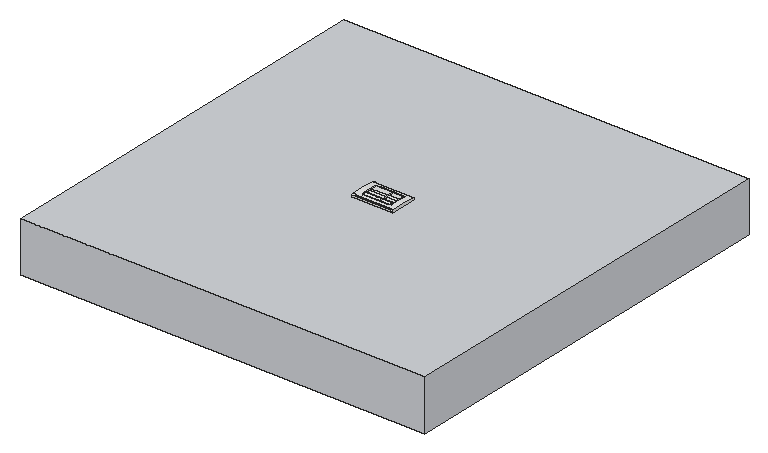
Revit family "IS_Solea_R0108_BIM_DE", category Plumbing Fixtures, host Face, Revit 2017
Family settings
  Host = Face
  Round Connector Dimension = Use Diameter
  Part Type = Normal
  OmniClass Number = 23.45.05.21.11.11
  OmniClass Title = Water Operated Water Closets
  Cut with Voids When Loaded = No
  Shared = Yes
  Room Calculation Point = No
Parameters (values of type "R0108AA - SOLEA M1 CHROME - IS")
  Wisselstukken = "n/a"
  Werkdruk = "n/a"
  WaterEfficientProduct = no
  WaarborgGarantieInstallatie = "n/a"
  WRAS = no
  WFU = 0
  Vorm = "n/a"
  Volumeunits = "Litres"
  Verwachtelevensduur = "5"
  Vervangingskosten = 0
  Versie = "1"
  ValutaEenheid = "n/a"
  Urlproducent = "https://www.idealstandard.de/de/products"
  UrinoirType = "n/a"
  Uniclass2015Referentie = "Pr_40_20_93"
  Uniclass2015Reference = "n/a"
  Uniclass2015Description = "Urinal and WC fittings"
  Uniclass2015Beschrijving = "n/a"
  Uniclass2 = "Pr_40_20_93_89"
  URL = "https://www.idealstandard.de/de/products"
  Typewastafel = "n/a"
  TypespoelingWC = "n/a"
  Typekraanwerk = "n/a"
  Typeconnectie = "n/a"
  Typebad = "n/a"
  TypeWC = "n/a"
  Type Comments = "n/a"
  Toepassing = ""
  Testdruk = "n/a"
  Telefoonnummer = "+49 (0) 6571 16 0"
  Sluitingspatroon = "n/a"
  Revision = "n/a"
  Revisie = "n/a"
  Referentie = ""
  Productinformatie = "https://www.idealstandard.de/profibereich"
  ProductSoort = ""
  Overloop = 0 mm
  OppervlakteEenheid = "mm"
  OppervlakteAfmeting = "n/a"
  Ophangingwastafel = "n/a"
  Normen = "n/a"
  Nettogewicht = 0.42
  NBSTypeID = "n/a"
  NBSReference = "45-30-70/387"
  NBSOfficeMasterTag = "n/a"
  NBSNote = "n/a"
  NBSDescription = "WC cistern fittings"
  NBSCertification = "n/a"
  Montageinstuctie = "https://www.idealstandard.de/profibereich"
  Model = "R0108AA"
  Merk = "Ideal Standard"
  MateriaalWC = "n/a"
  MateriaalUrinoir = "n/a"
  Materiaal = "Metal"
  Manufacturer = "Productinfo@thebluebook.co.uk"
  Lengte = 0 mm
  Kwaliteitsgraad = "n/a"
  Kleurwc = "n/a"
  KleurUrinoir = "n/a"
  Kleur = "Chrome"
  Klepmechanisme = "n/a"
  Keynote = "n/a"
  Installatieinstructies = "https://www.idealstandard.de/profibereich"
  Hulp = "https://www.idealstandard.de/unternehmen"
  Hoogte = ""
  Heefthandvaten = no
  HWFU = 0
  GrootteAfvoergat = 0
  GemaaktOp = "n/a"
  Garantieunits = "Year"
  Garantieonderdelen = "n/a"
  GarantieduurInstallatie = "n/a"
  Functiekraanwerk = "n/a"
  Functieindoucheruimte = "n/a"
  Flush Plate Material = Chrome-Polished
  Eigenschappen = "n/a"
  ECA = no
  Duurzaamheid = "n/a"
  DuurEenheid = "year"
  Douchebak = no
  Doorstromingscoëfficiënt = "n/a"
  Distributeur = "n/a"
  DikteMateriaal = "n/a"
  Diepte = 0 mm
  Description = "PRE WALL RIA PLATE CHROME IS BRANDED"
  Default Elevation = 900 mm
  Debiet = ""
  Cost = 0
  CWFU = 0
  BrutoGewicht = 0
  Breedte = 0
  BimObjectNaam = "IS_Ideal Standard_WC cistern fittings_Solea_R0108AA"
  Bestanddelen = "n/a"
  Beschrijvinggarantie = "Manufacturers Warranty"
  Beschrijvingdouchekop = "n/a"
  BeschrijvingBovenkantKraan = "n/a"
  Bedieningkraanwerk = "n/a"
  Bedieningkraan = "n/a"
  Barrièrevrijwonen = "n/a"
  Barcode = "3391500579743"
  BREEAMApproved = no
  Auteur = "Ideal Standrad"
  Assembly Code = "C1030200"
  Artikelreferentie = "1"
  Artikelomschrijving = "Betätigungsplatte P2 SOLEA, pneumatischen Auslösung, Weiß"
  Artikelnummer = "R0108AA"
  Afwerking = "Chrome"
  AfstandsEenheid = "millimeters"
  AfsluitNiveau = "n/a"
  Afmetingen = "245 x 160 x 170 mm"
  AccessibilityPerformance = "n/a"
  Accesoires = ""
Types (2, lengths in mm): name | Model | Kleur | Flush Plate Material | Description | BimObjectNaam | Barcode | Artikelomschrijving | Artikelnummer | Afwerking
  R0108AC - SOLEA M1 WHITE - IS | "R0108AC" | "White" | Plactic-White | "PRE WALL RIA PLATE  WHITE IS BRANDED" | "IS_Ideal Standard_WC cistern fittings_Solea_R0108AC" | "3391500579750" | "Betätigungsplatte M1 SOLEA, mechanischen Auslösung, Chrom" | "R0108AC" | "White"
  R0108AA - SOLEA M1 CHROME - IS | "R0108AA" | "Chrome" | Chrome-Polished | "PRE WALL RIA PLATE CHROME IS BRANDED" | "IS_Ideal Standard_WC cistern fittings_Solea_R0108AA" | "3391500579743" | "Betätigungsplatte P2 SOLEA, pneumatischen Auslösung, Weiß" | "R0108AA" | "Chrome"
Reference planes
  plane 1 "Center (Front/Back)": y = 0
  plane 2: z = 0
  plane 3 "Center (Left/Right)": x = 0
  plane 4: y = 0
  plane 5: z = 0
Forms (mm)
  Extrusion 1, solid
    sketch origin (0, 0, 0) x (1, 0, 0) y (0, 1, 0)
      loop
        line (-1219.2, 1219.2) -> (-1219.2, -1219.2) -> (1219.2, -1219.2) -> (1219.2, 1219.2) -> (-1219.2, 1219.2)
    from 0 to -304.8
Dimensions and locks
  nested 1 to nested 1 = 245 mm
  nested 1 to nested 1 = 160 mm
  nested 1 to Extrusion 1 = 17.017 mm
  aligned and locked: plane 2 to Extrusion 1
  aligned and locked: level to Extrusion 1
Nested families
  nested 1: "SE151" at (0, 0, 0), type "SE151"
Definition of nested family "SE151"
  Parameters (values of type "SE151")
    Flush_Plate_Material = none
    Default Elevation = 1219.2 mm
  Reference planes
    plane 1 "Center (Front/Back)": y = 0
    plane 2: z = 0
    plane 3 "Center (Left/Right)": x = 0
  Forms (mm)
    Extrusion 1, solid
      sketch origin (0, 0, 0) x (1, 0, 0) y (0, 1, 0)
        loop
          line (-1219.2, 1219.2) -> (-1219.2, -1219.2) -> (1219.2, -1219.2) -> (1219.2, 1219.2) -> (-1219.2, 1219.2)
      from 0 to -304.8
    Extrusion 2, solid, material <- "Flush_Plate_Material", detail levels medium+fine
      sketch origin (-0.044, -1005.008, 0) x (0, 0, -1) y (0, 1, 0)
        loop
          arc (-11.35, 1081.437) -> (-17.017, 1005.496) -> (-11.35, 929.555) r 511.584
          arc (-11.35, 929.555) -> (-10.387, 926.994) -> (-8.461, 925.05) r 6.546
          line (-8.461, 925.05) -> (0, 925.05) -> (0, 1085.05) -> (-8.461, 1085.05)
          arc (-8.461, 1085.05) -> (-10.391, 1083.631) -> (-11.35, 1081.437) r 4.611
      from -130 to 115
    Blend 3, void
      base sketch origin (-0.044, -1005.008, 0) x (1, 0, 0) y (0, 1, 0)
        loop
          arc (-89.516, 1062.803) -> (-92.486, 1061.576) -> (-93.716, 1058.608) r 4.196
          line (-93.716, 1058.608) -> (-93.871, 970.253)
          arc (-93.871, 970.253) -> (-93.123, 963.077) -> (-90.887, 956.217) r 34.226
          arc (-90.887, 956.217) -> (-87.915, 952.25) -> (-83.525, 949.948) r 11.237
          line (-83.525, 949.948) -> (70.807, 949.948)
          arc (70.807, 949.948) -> (75.197, 952.25) -> (78.17, 956.217) r 11.237
          arc (78.17, 956.217) -> (80.405, 963.077) -> (81.153, 970.253) r 34.226
          line (81.153, 970.253) -> (80.998, 1058.608)
          arc (80.998, 1058.608) -> (79.635, 1061.906) -> (76.34, 1063.278) r 4.67
          line (76.34, 1063.278) -> (-89.516, 1062.803)
      top sketch origin (-0.044, -1005.008, 0) x (1, 0, 0) y (0, 1, 0)
        loop
          line (-81.807, 961.854) -> (68.809, 961.854)
          arc (68.809, 961.854) -> (75.276, 964.532) -> (77.954, 970.999) r 9.145
          line (77.954, 970.999) -> (77.954, 1058.367)
          arc (77.954, 1058.367) -> (77.479, 1059.514) -> (76.332, 1059.989) r 1.623
          line (76.332, 1059.989) -> (-89.329, 1059.989)
          arc (-89.329, 1059.989) -> (-90.477, 1059.514) -> (-90.952, 1058.367) r 1.623
          line (-90.952, 1058.367) -> (-90.952, 970.999)
          arc (-90.952, 970.999) -> (-88.273, 964.532) -> (-81.807, 961.854) r 9.145
      from 18.267 to 0
    Extrusion 4, solid, material <- "Flush_Plate_Material", detail levels medium+fine
      sketch origin (-0.044, -1005.008, 0) x (0, 0, -1) y (0, 1, 0)
        loop
          line (-8.183, 962.956) -> (0, 962.956) -> (0, 1059.989) -> (-13.454, 1060.137)
          arc (-13.454, 1060.137) -> (-15.837, 1040.255) -> (-16.244, 1020.235) r 202.536
          arc (-16.244, 1020.235) -> (-15.047, 1012.83) -> (-13.64, 1005.462) r 263.265
          arc (-13.64, 1005.462) -> (-11.512, 997.573) -> (-11.383, 989.403) r 33.09
          arc (-11.383, 989.403) -> (-12.929, 982.757) -> (-16.017, 976.671) r 28.369
          arc (-16.017, 976.671) -> (-16.35, 975.382) -> (-16.246, 974.054) r 4.033
          arc (-16.246, 974.054) -> (-13.293, 967.722) -> (-8.183, 962.956) r 18.314
      from -90.952 to 10.494
    Extrusion 5, solid, material <- "Flush_Plate_Material", detail levels medium+fine
      sketch origin (146.593, -1005.008, 0) x (0, 0, -1) y (0, 1, 0)
        loop
          line (-8.183, 962.956) -> (0, 962.956) -> (0, 1059.989) -> (-13.454, 1060.137)
          arc (-13.454, 1060.137) -> (-15.837, 1040.255) -> (-16.244, 1020.235) r 202.536
          arc (-16.244, 1020.235) -> (-15.047, 1012.83) -> (-13.64, 1005.462) r 263.265
          arc (-13.64, 1005.462) -> (-11.512, 997.573) -> (-11.383, 989.403) r 33.09
          arc (-11.383, 989.403) -> (-12.929, 982.757) -> (-16.017, 976.671) r 28.369
          arc (-16.017, 976.671) -> (-16.35, 975.382) -> (-16.246, 974.054) r 4.033
          arc (-16.246, 974.054) -> (-13.293, 967.722) -> (-8.183, 962.956) r 18.314
      from -134.959 to -70.482
    Extrusion 6, solid, material <- "Flush_Plate_Material", detail levels coarse
      sketch origin (0, 0, 0) x (1, 0, 0) y (0, 1, 0)
        loop
          line (-130.044, 80.042) -> (-130.044, -79.958) -> (114.956, -79.958) -> (114.956, 80.042) -> (-130.044, 80.042)
      from 0 to 17.048
  Cuts and joins
    Blend 3 cuts Extrusion 2
  Dimensions and locks
    aligned and locked: plane 2 to Extrusion 1
    aligned and locked: level to Extrusion 1
